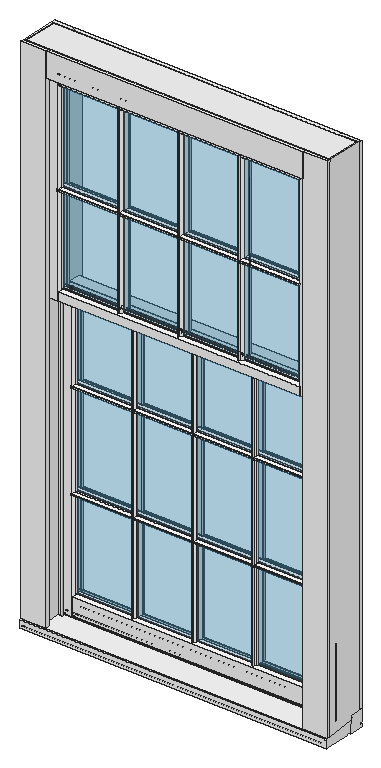
Revit family "B1-812", category Generic Models, Revit 2012 (continued)
Automatic sketch dimensions
  Extrusion 44 sketch curve to Extrusion 44 sketch curve = 0.368 mm
  Extrusion 44 sketch curve to Extrusion 44 sketch curve = 0.557 mm
  Extrusion 44 sketch curve to Extrusion 44 sketch curve = 0.18 mm
  Extrusion 44 sketch curve to Extrusion 44 sketch curve = 0.155 mm
  Extrusion 44 sketch curve to Extrusion 44 sketch curve = 0.228 mm
  Extrusion 45 sketch curve to plane 8 = 51.01 mm
  Extrusion 45 sketch curve to Extrusion 45 sketch curve = 0.402 mm
  Extrusion 45 sketch curve to Extrusion 45 sketch curve = 0.389 mm
  Extrusion 45 sketch curve to Extrusion 45 sketch curve = 3.47 mm
  Extrusion 45 sketch curve to Extrusion 45 sketch curve = 0.129 mm  (x2)
  Extrusion 45 sketch curve to Extrusion 45 sketch curve = 0.752 mm
  Extrusion 45 sketch curve to Extrusion 45 sketch curve = 0.163 mm
  Extrusion 45 sketch curve to Extrusion 45 sketch curve = 0.848 mm
  Extrusion 45 sketch curve to Extrusion 45 sketch curve = 0.092 mm
  Extrusion 45 sketch curve to Extrusion 45 sketch curve = 0.227 mm
  Extrusion 45 sketch curve to Extrusion 45 sketch curve = 0.4 mm
  Extrusion 45 sketch curve to Extrusion 45 sketch curve = 0.019 mm
  Extrusion 45 sketch curve to Extrusion 45 sketch curve = 0.794 mm
  Extrusion 45 sketch curve to Extrusion 45 sketch curve = 0.616 mm
  Extrusion 45 sketch curve to Extrusion 45 sketch curve = 0.767 mm
  Extrusion 45 sketch curve to Extrusion 45 sketch curve = 0.79 mm
  Extrusion 45 sketch curve to Extrusion 45 sketch curve = 0.784 mm
  Extrusion 45 sketch curve to Extrusion 45 sketch curve = 0.331 mm  (x2)
  Extrusion 45 sketch curve to plane 1 "Center (Front/Back)" = 42.945 mm
  Extrusion 45 sketch curve to Extrusion 45 sketch curve = 0.032 mm
  Extrusion 45 sketch curve to Extrusion 45 sketch curve = 0.011 mm
  Extrusion 45 sketch curve to Extrusion 45 sketch curve = 0.735 mm
  Extrusion 45 sketch curve to Extrusion 45 sketch curve = 0.552 mm
  Extrusion 45 sketch curve to Extrusion 45 sketch curve = 0.545 mm
  Extrusion 45 sketch curve to Extrusion 45 sketch curve = 0.126 mm
  Extrusion 45 sketch curve to Extrusion 45 sketch curve = 3.982 mm
  Extrusion 45 sketch curve to Extrusion 45 sketch curve = 3.772 mm
  Extrusion 45 sketch curve to Extrusion 45 sketch curve = 0.731 mm
  Extrusion 45 sketch curve to Extrusion 45 sketch curve = 0.088 mm
  Extrusion 45 sketch curve to Extrusion 45 sketch curve = 0.31 mm
  Extrusion 45 sketch curve to Extrusion 45 sketch curve = 0.222 mm
  Extrusion 45 sketch curve to Extrusion 45 sketch curve = 1.707 mm
  plane 7 to Extrusion 49 sketch curve = 16.974 mm
  Extrusion 49 sketch curve to plane 8 = 43.939 mm
  Extrusion 49 sketch curve to Extrusion 49 sketch curve = 5.328 mm
  Extrusion 49 sketch curve to Extrusion 49 sketch curve = 1.303 mm
  Extrusion 50 sketch curve to plane 8 = 43.976 mm
  plane 7 to Extrusion 50 sketch curve = 18.277 mm
  Extrusion 50 sketch curve to Extrusion 50 sketch curve = 2.083 mm
  Extrusion 50 sketch curve to Extrusion 50 sketch curve = 1.235 mm
  Extrusion 50 sketch curve to Extrusion 50 sketch curve = 2.363 mm
  Extrusion 50 sketch curve to Extrusion 50 sketch curve = 4.662 mm
  plane 1 "Center (Front/Back)" to Extrusion 51 sketch curve = 2.034 mm
  Extrusion 51 sketch curve to plane 8 = 42.228 mm
  Extrusion 51 sketch curve to Extrusion 51 sketch curve = 1.26 mm
  Extrusion 51 sketch curve to Extrusion 51 sketch curve = 3.11 mm
  Extrusion 51 sketch curve to Extrusion 51 sketch curve = 0.958 mm
  Extrusion 51 sketch curve to Extrusion 51 sketch curve = 1.305 mm
  Extrusion 52 sketch curve to plane 1 "Center (Front/Back)" = 2.628 mm
  Extrusion 52 sketch curve to plane 8 = 42.114 mm
  plane 1 "Center (Front/Back)" to Extrusion 52 sketch curve = 2.034 mm
  Extrusion 52 sketch curve to Extrusion 52 sketch curve = 2.083 mm
  Extrusion 52 sketch curve to Extrusion 52 sketch curve = 1.235 mm
  Extrusion 52 sketch curve to Extrusion 52 sketch curve = 2.363 mm
  plane 1 "Center (Front/Back)" to Extrusion 53 sketch curve = 1.25 mm  (x2)
  Extrusion 53 sketch curve to plane 8 = 42.921 mm
  Extrusion 53 sketch curve to Extrusion 53 sketch curve = 0.693 mm
  Extrusion 53 sketch curve to Extrusion 53 sketch curve = 0.8 mm  (x2)
  Extrusion 53 sketch curve to Extrusion 53 sketch curve = 1.557 mm
  Extrusion 53 sketch curve to Extrusion 53 sketch curve = 2.435 mm
  Extrusion 53 sketch curve to Extrusion 53 sketch curve = 0.536 mm
  Extrusion 53 sketch curve to Extrusion 53 sketch curve = 0.979 mm
  Extrusion 53 sketch curve to Extrusion 53 sketch curve = 0.786 mm  (x2)
  Extrusion 53 sketch curve to Extrusion 53 sketch curve = 1.303 mm
  Extrusion 53 sketch curve to Extrusion 53 sketch curve = 0.911 mm  (x2)
  Extrusion 53 sketch curve to Extrusion 53 sketch curve = 4 mm
  Extrusion 54 sketch curve to plane 4 = 0 mm
  Extrusion 54 sketch curve to plane 6 = 0 mm
  Extrusion 54 sketch curve to plane 12 = 0 mm
  Extrusion 54 sketch curve to plane 15 = 0 mm  (x2)
  plane 1 "Center (Front/Back)" to Extrusion 54 sketch curve = 8.25 mm
  Extrusion 54 sketch curve to Extrusion 54 sketch curve = 1.712 mm
  Extrusion 54 sketch curve to Extrusion 54 sketch curve = 0 mm  (x8)
  plane 1 "Center (Front/Back)" to Extrusion 54 sketch curve = 6.25 mm  (x2)
  Extrusion 54 sketch curve to Extrusion 54 sketch curve = 0.836 mm
  Extrusion 54 sketch curve to Extrusion 54 sketch curve = 0.634 mm
  Extrusion 54 sketch curve to Extrusion 54 sketch curve = 0.996 mm  (x6)
  Extrusion 54 sketch curve to Extrusion 54 sketch curve = 0.819 mm
  Extrusion 54 sketch curve to Extrusion 54 sketch curve = 0.456 mm
  plane 1 "Center (Front/Back)" to Extrusion 54 sketch curve = 1.25 mm  (x3)
  plane 15 to Extrusion 54 sketch curve = 7 mm
  Extrusion 54 sketch curve to plane 1 "Center (Front/Back)" = 61.75 mm
  Extrusion 54 sketch curve to Extrusion 54 sketch curve = 4 mm
  plane 12 to Extrusion 54 sketch curve = 4 mm
  plane 12 to Extrusion 54 sketch curve = 5 mm
  Extrusion 54 sketch curve to Extrusion 54 sketch curve = 2.25 mm
  Extrusion 54 sketch curve to Extrusion 54 sketch curve = 0.254 mm
  Extrusion 54 sketch curve to Extrusion 54 sketch curve = 0.508 mm  (x3)
  Extrusion 54 sketch curve to plane 13 = 2 mm
  plane 15 to Extrusion 54 sketch curve = 9 mm
  Extrusion 54 sketch curve to Extrusion 54 sketch curve = 8 mm
  Extrusion 54 sketch curve to plane 4 = 6 mm
  plane 7 to Extrusion 55 sketch curve = 0 mm
  plane 5 to Extrusion 55 sketch curve = 0.079 mm
  Extrusion 55 sketch curve to plane 8 = 48.921 mm
  plane 7 to Extrusion 55 sketch curve = 15 mm
  Extrusion 56 sketch curve to plane 6 = 0 mm
  plane 5 to Extrusion 56 sketch curve = 0.079 mm
  plane 1 "Center (Front/Back)" to Extrusion 56 sketch curve = 6.25 mm
  Extrusion 56 sketch curve to plane 8 = 30.921 mm
  Extrusion 57 sketch curve to plane 4 = 0 mm
  Extrusion 57 sketch curve to plane 16 = 0 mm
  plane 1 "Center (Front/Back)" to Extrusion 57 sketch curve = 6.25 mm
  Extrusion 57 sketch curve to plane 16 = 4.175 mm
  plane 7 to Extrusion 57 sketch curve = 54.25 mm
  plane 7 to Extrusion 57 sketch curve = 20.25 mm
  plane 7 to Extrusion 57 sketch curve = 15 mm
  Extrusion 57 sketch curve to Extrusion 57 sketch curve = 4.913 mm  (x2)
  Extrusion 57 sketch curve to Extrusion 57 sketch curve = 3 mm
  plane 14 to Extrusion 57 sketch curve = 2.138 mm
  Extrusion 58 sketch curve to plane 4 = 0 mm
  plane 1 "Center (Front/Back)" to Extrusion 58 sketch curve = 6.25 mm
  Extrusion 58 sketch curve to plane 4 = 6 mm
  plane 7 to Extrusion 58 sketch curve = 15 mm
  Sweep 59 sketch curve to plane 16 = 0 mm
  plane 29 to Sweep 59 sketch curve = 0 mm
  Sweep 59 sketch curve to plane 8 = 48.921 mm
  profile plane to Sweep 59 sketch curve = 0 mm
  Sweep 59 sketch curve to Sweep 59 sketch curve = 3 mm
  Sweep 59 sketch curve to Sweep 59 sketch curve = 6 mm
  Sweep 59 sketch curve to profile plane = 176.75 mm
  Sweep 59 sketch curve to Sweep 59 sketch curve = 14 mm
  Extrusion 60 sketch curve to plane 15 = 0 mm
  Extrusion 60 sketch curve to plane 4 = 0 mm
  Extrusion 60 sketch curve to plane 7 = 0 mm
  plane 7 to Extrusion 60 sketch curve = 15 mm  (x2)
  Extrusion 60 sketch curve to Extrusion 60 sketch curve = 5 mm  (x2)
  plane 15 to Extrusion 60 sketch curve = 9 mm
  Extrusion 60 sketch curve to Extrusion 60 sketch curve = 8 mm
  Extrusion 60 sketch curve to plane 4 = 6 mm
  plane 7 to Extrusion 61 sketch curve = 20 mm
  plane 5 to Extrusion 61 sketch curve = 56.079 mm
  Extrusion 61 sketch curve to Extrusion 61 sketch curve = 9 mm  (x3)
  plane 1 "Center (Front/Back)" to Extrusion 61 sketch curve = 1.25 mm  (x2)
  Extrusion 61 sketch curve to Extrusion 61 sketch curve = 8 mm  (x2)
  plane 1 "Center (Front/Back)" to Extrusion 61 sketch curve = 6.25 mm
  Extrusion 61 sketch curve to Extrusion 61 sketch curve = 0 mm
  Extrusion 61 sketch curve to Extrusion 61 sketch curve = 5 mm
  Extrusion 62 sketch curve to plane 8 = 44.922 mm
  Extrusion 62 sketch curve to Extrusion 62 sketch curve = 0 mm  (x2)
  Extrusion 62 sketch curve to Extrusion 62 sketch curve = 3 mm  (x3)
  Extrusion 62 sketch curve to Extrusion 62 sketch curve = 6 mm  (x2)
  Extrusion 62 sketch curve to plane 8 = 4.922 mm
  Extrusion 62 sketch curve to plane 1 "Center (Front/Back)" = 71.5 mm
  Extrusion 62 sketch curve to Extrusion 62 sketch curve = 5 mm
  Extrusion 62 sketch curve to Extrusion 62 sketch curve = 13 mm
  Extrusion 62 sketch curve to Extrusion 62 sketch curve = 12 mm
  Extrusion 62 sketch curve to Extrusion 62 sketch curve = 21 mm
  Extrusion 63 sketch curve to plane 21 = 2 mm
  plane 18 to Extrusion 63 sketch curve = 10.028 mm  (x2)
  Extrusion 63 sketch curve to Extrusion 63 sketch curve = 2 mm  (x4)
  plane 18 to Extrusion 63 sketch curve = 2.528 mm  (x2)
  plane 18 to Extrusion 63 sketch curve = 0.991 mm
  Extrusion 63 sketch curve to plane 18 = 0.972 mm
  Extrusion 63 sketch curve to plane 18 = 2.472 mm  (x2)
  Extrusion 63 sketch curve to Extrusion 63 sketch curve = 7 mm
  Extrusion 63 sketch curve to plane 18 = 9.972 mm
  Extrusion 63 sketch curve to Extrusion 63 sketch curve = 26 mm
  Extrusion 63 sketch curve to Extrusion 63 sketch curve = 2.8 mm  (x2)
  Extrusion 63 sketch curve to Extrusion 63 sketch curve = 8.154 mm
  Extrusion 63 sketch curve to Extrusion 63 sketch curve = 0 mm
  plane 21 to Extrusion 63 sketch curve = 6 mm  (x2)
  Extrusion 63 sketch curve to Extrusion 63 sketch curve = 1.693 mm
  Extrusion 63 sketch curve to Extrusion 63 sketch curve = 0.015 mm
  Extrusion 63 sketch curve to Extrusion 63 sketch curve = 2.5 mm
  plane 18 to Extrusion 64 sketch curve = 10.028 mm  (x2)
  Extrusion 64 sketch curve to Extrusion 64 sketch curve = 2 mm  (x4)
  plane 1 "Center (Front/Back)" to Extrusion 64 sketch curve = 0.089 mm  (x2)
  plane 18 to Extrusion 64 sketch curve = 2.578 mm
  plane 18 to Extrusion 64 sketch curve = 2.528 mm
  plane 18 to Extrusion 64 sketch curve = 1.028 mm
  Extrusion 64 sketch curve to plane 18 = 0.972 mm
  Extrusion 64 sketch curve to plane 18 = 2.422 mm
  Extrusion 64 sketch curve to plane 18 = 2.472 mm
  Extrusion 64 sketch curve to Extrusion 64 sketch curve = 7 mm
  Extrusion 64 sketch curve to plane 18 = 9.972 mm
  Extrusion 64 sketch curve to plane 1 "Center (Front/Back)" = 8.065 mm
  Extrusion 64 sketch curve to Extrusion 64 sketch curve = 2.8 mm
  Extrusion 64 sketch curve to Extrusion 64 sketch curve = 28.385 mm
  Extrusion 64 sketch curve to Extrusion 64 sketch curve = 6 mm  (x2)
  Extrusion 64 sketch curve to Extrusion 64 sketch curve = 1.708 mm
  Extrusion 64 sketch curve to Extrusion 64 sketch curve = 0 mm
  plane 18 to Extrusion 65 sketch curve = 10.028 mm
  Extrusion 65 sketch curve to plane 18 = 9.972 mm
  Extrusion 65 sketch curve to plane 1 "Center (Front/Back)" = 18 mm
  Extrusion 65 sketch curve to Extrusion 65 sketch curve = 16 mm
  plane 18 to Extrusion 66 sketch curve = 10.028 mm
  Extrusion 66 sketch curve to plane 18 = 9.972 mm
  plane 7 to Extrusion 66 sketch curve = 63.75 mm
  Extrusion 66 sketch curve to Extrusion 66 sketch curve = 16 mm
  Extrusion 67 sketch curve to plane 24 = 2 mm
  Extrusion 67 sketch curve to plane 19 = 9.949 mm  (x2)
  Extrusion 67 sketch curve to Extrusion 67 sketch curve = 2 mm  (x4)
  Extrusion 67 sketch curve to plane 19 = 2.449 mm  (x2)
  Extrusion 67 sketch curve to plane 19 = 0.949 mm
  plane 19 to Extrusion 67 sketch curve = 1.051 mm
  plane 19 to Extrusion 67 sketch curve = 2.551 mm  (x2)
  Extrusion 67 sketch curve to Extrusion 67 sketch curve = 7 mm
  plane 19 to Extrusion 67 sketch curve = 10.051 mm
  Extrusion 67 sketch curve to Extrusion 67 sketch curve = 26 mm
  Extrusion 67 sketch curve to Extrusion 67 sketch curve = 2.8 mm  (x2)
  Extrusion 67 sketch curve to Extrusion 67 sketch curve = 8.154 mm
  Extrusion 67 sketch curve to Extrusion 67 sketch curve = 0 mm  (x2)
  plane 24 to Extrusion 67 sketch curve = 6 mm  (x2)
  Extrusion 67 sketch curve to Extrusion 67 sketch curve = 1.708 mm
  Extrusion 68 sketch curve to plane 19 = 9.949 mm  (x2)
  Extrusion 68 sketch curve to Extrusion 68 sketch curve = 2 mm  (x4)
  plane 1 "Center (Front/Back)" to Extrusion 68 sketch curve = 0.089 mm  (x2)
  Extrusion 68 sketch curve to plane 19 = 2.5 mm
  Extrusion 68 sketch curve to plane 19 = 2.449 mm
  Extrusion 68 sketch curve to plane 19 = 0.913 mm
  plane 19 to Extrusion 68 sketch curve = 1.015 mm
  plane 19 to Extrusion 68 sketch curve = 2.5 mm
  plane 19 to Extrusion 68 sketch curve = 2.551 mm
  Extrusion 68 sketch curve to Extrusion 68 sketch curve = 7.036 mm
  plane 19 to Extrusion 68 sketch curve = 10.051 mm
  Extrusion 68 sketch curve to plane 1 "Center (Front/Back)" = 8.065 mm
  Extrusion 68 sketch curve to Extrusion 68 sketch curve = 2.8 mm
  Extrusion 68 sketch curve to Extrusion 68 sketch curve = 28.385 mm
  Extrusion 68 sketch curve to Extrusion 68 sketch curve = 6 mm  (x2)
  Extrusion 68 sketch curve to Extrusion 68 sketch curve = 1.693 mm
  Extrusion 68 sketch curve to Extrusion 68 sketch curve = 0 mm
  Extrusion 68 sketch curve to Extrusion 68 sketch curve = 2.5 mm  (x2)
  Extrusion 69 sketch curve to plane 19 = 9.949 mm
  plane 19 to Extrusion 69 sketch curve = 10.051 mm
  Extrusion 69 sketch curve to plane 1 "Center (Front/Back)" = 18 mm
  Extrusion 69 sketch curve to Extrusion 69 sketch curve = 16 mm
  Extrusion 70 sketch curve to plane 19 = 9.949 mm
  plane 19 to Extrusion 70 sketch curve = 10.051 mm
  plane 7 to Extrusion 70 sketch curve = 63.75 mm
  Extrusion 70 sketch curve to Extrusion 70 sketch curve = 16 mm
  plane 17 to Extrusion 71 sketch curve = 7 mm
  plane 17 to Extrusion 71 sketch curve = 8.5 mm  (x2)
  plane 17 to Extrusion 71 sketch curve = 31 mm  (x2)
  Extrusion 71 sketch curve to Extrusion 71 sketch curve = 22.5 mm  (x4)
  Extrusion 71 sketch curve to plane 1 "Center (Front/Back)" = 7.75 mm
  Extrusion 71 sketch curve to Extrusion 71 sketch curve = 1.5 mm
  Extrusion 71 sketch curve to Extrusion 71 sketch curve = 20 mm
  Extrusion 71 sketch curve to Extrusion 71 sketch curve = 7 mm
  Extrusion 71 sketch curve to plane 27 = 4 mm
  Extrusion 71 sketch curve to plane 1 "Center (Front/Back)" = 30.25 mm
  Extrusion 71 sketch curve to Extrusion 71 sketch curve = 9 mm
  Extrusion 71 sketch curve to Extrusion 71 sketch curve = 11.5 mm  (x2)
  Extrusion 71 sketch curve to Extrusion 71 sketch curve = 4 mm
  Extrusion 71 sketch curve to Extrusion 71 sketch curve = 3 mm
  plane 7 to Extrusion 71 sketch curve = 29 mm
  plane 17 to Extrusion 72 sketch curve = 33.984 mm  (x2)
  Extrusion 72 sketch curve to plane 27 = 21.016 mm  (x2)
  Extrusion 72 sketch curve to Extrusion 72 sketch curve = 0 mm  (x2)
  Extrusion 72 sketch curve to Extrusion 72 sketch curve = 3 mm  (x2)
  plane 7 to Extrusion 72 sketch curve = 37.812 mm
  Extrusion 72 sketch curve to Extrusion 72 sketch curve = 6.5 mm  (x3)
  Extrusion 72 sketch curve to Extrusion 72 sketch curve = 16 mm  (x2)
  Extrusion 72 sketch curve to Extrusion 72 sketch curve = 42 mm
  Extrusion 72 sketch curve to plane 1 "Center (Front/Back)" = 37.437 mm
  Extrusion 73 sketch curve to plane 27 = 15.875 mm
  Extrusion 73 sketch curve to Extrusion 73 sketch curve = 0 mm  (x2)
  Extrusion 73 sketch curve to Extrusion 73 sketch curve = 3 mm  (x3)
  Extrusion 73 sketch curve to Extrusion 73 sketch curve = 6 mm  (x2)
  Extrusion 73 sketch curve to plane 28 = 6.875 mm
  Extrusion 73 sketch curve to plane 28 = 0.875 mm
  plane 28 to Extrusion 73 sketch curve = 9.125 mm
  plane 7 to Extrusion 73 sketch curve = 21.25 mm
  Extrusion 73 sketch curve to Extrusion 73 sketch curve = 21 mm
  Extrusion 73 sketch curve to Extrusion 73 sketch curve = 12 mm  (x2)
  Extrusion 73 sketch curve to Extrusion 73 sketch curve = 13 mm
  Extrusion 73 sketch curve to Extrusion 73 sketch curve = 2 mm
  Extrusion 73 sketch curve to Extrusion 73 sketch curve = 5 mm
  Extrusion 74 sketch curve to plane 28 = 5 mm
  Extrusion 74 sketch curve to plane 28 = 0 mm
  plane 28 to Extrusion 74 sketch curve = 7 mm
  Extrusion 74 sketch curve to Extrusion 74 sketch curve = 1 mm  (x2)
  Extrusion 74 sketch curve to Extrusion 74 sketch curve = 3 mm  (x2)
  Extrusion 74 sketch curve to plane 1 "Center (Front/Back)" = 57 mm
  Extrusion 74 sketch curve to Extrusion 74 sketch curve = 4 mm
  Extrusion 74 sketch curve to Extrusion 74 sketch curve = 8 mm
  Extrusion 75 sketch curve to plane 27 = 20.088 mm
  Extrusion 75 sketch curve to Extrusion 75 sketch curve = 0.361 mm
  Extrusion 75 sketch curve to Extrusion 75 sketch curve = 0.331 mm  (x3)
  Extrusion 75 sketch curve to Extrusion 75 sketch curve = 0.529 mm
  Extrusion 75 sketch curve to Extrusion 75 sketch curve = 3.012 mm
  Extrusion 75 sketch curve to Extrusion 75 sketch curve = 0.359 mm
  Extrusion 75 sketch curve to Extrusion 75 sketch curve = 0.129 mm  (x2)
  Extrusion 75 sketch curve to Extrusion 75 sketch curve = 0.752 mm
  Extrusion 75 sketch curve to Extrusion 75 sketch curve = 0.163 mm
  Extrusion 75 sketch curve to Extrusion 75 sketch curve = 0.848 mm
  Extrusion 75 sketch curve to Extrusion 75 sketch curve = 0.097 mm
  Extrusion 75 sketch curve to Extrusion 75 sketch curve = 0.227 mm
  Extrusion 75 sketch curve to Extrusion 75 sketch curve = 0.367 mm
  Extrusion 75 sketch curve to Extrusion 75 sketch curve = 0.604 mm
  Extrusion 75 sketch curve to Extrusion 75 sketch curve = 0.911 mm
  Extrusion 75 sketch curve to Extrusion 75 sketch curve = 0.79 mm  (x2)
  Extrusion 75 sketch curve to Extrusion 75 sketch curve = 1.387 mm
  Extrusion 75 sketch curve to Extrusion 75 sketch curve = 0.62 mm
  Extrusion 75 sketch curve to Extrusion 75 sketch curve = 0.185 mm
  Extrusion 75 sketch curve to Extrusion 75 sketch curve = 0.733 mm
  plane 7 to Extrusion 75 sketch curve = 64.201 mm
  Extrusion 75 sketch curve to Extrusion 75 sketch curve = 0.044 mm
  Extrusion 75 sketch curve to Extrusion 75 sketch curve = 0.155 mm
  Extrusion 75 sketch curve to Extrusion 75 sketch curve = 1.178 mm
  Extrusion 75 sketch curve to Extrusion 75 sketch curve = 0.18 mm
  Extrusion 75 sketch curve to Extrusion 75 sketch curve = 0.545 mm
  Extrusion 75 sketch curve to Extrusion 75 sketch curve = 0.126 mm
  Extrusion 75 sketch curve to Extrusion 75 sketch curve = 3.329 mm
  Extrusion 75 sketch curve to Extrusion 75 sketch curve = 0.782 mm
  Extrusion 75 sketch curve to Extrusion 75 sketch curve = 0.443 mm
  Extrusion 75 sketch curve to Extrusion 75 sketch curve = 0.342 mm
  Extrusion 75 sketch curve to Extrusion 75 sketch curve = 0.534 mm
  Extrusion 75 sketch curve to Extrusion 75 sketch curve = 0.024 mm
  Extrusion 75 sketch curve to Extrusion 75 sketch curve = 1.649 mm
  Extrusion 75 sketch curve to Extrusion 75 sketch curve = 0.066 mm
  Extrusion 76 sketch curve to plane 27 = 20.088 mm
  Extrusion 76 sketch curve to Extrusion 76 sketch curve = 0.402 mm
  Extrusion 76 sketch curve to Extrusion 76 sketch curve = 0.389 mm
  Extrusion 76 sketch curve to Extrusion 76 sketch curve = 3.47 mm
  Extrusion 76 sketch curve to Extrusion 76 sketch curve = 0.129 mm  (x2)
  Extrusion 76 sketch curve to Extrusion 76 sketch curve = 0.752 mm
  Extrusion 76 sketch curve to Extrusion 76 sketch curve = 0.163 mm
  Extrusion 76 sketch curve to Extrusion 76 sketch curve = 4.446 mm
  Extrusion 76 sketch curve to Extrusion 76 sketch curve = 0.092 mm
  Extrusion 76 sketch curve to Extrusion 76 sketch curve = 0.227 mm
  Extrusion 76 sketch curve to Extrusion 76 sketch curve = 0.4 mm
  Extrusion 76 sketch curve to Extrusion 76 sketch curve = 0.019 mm
  Extrusion 76 sketch curve to Extrusion 76 sketch curve = 0.794 mm
  Extrusion 76 sketch curve to Extrusion 76 sketch curve = 0.616 mm
  Extrusion 76 sketch curve to Extrusion 76 sketch curve = 0.767 mm
  Extrusion 76 sketch curve to Extrusion 76 sketch curve = 0.79 mm
  Extrusion 76 sketch curve to Extrusion 76 sketch curve = 0.784 mm
  Extrusion 76 sketch curve to Extrusion 76 sketch curve = 0.331 mm  (x2)
  Extrusion 76 sketch curve to plane 1 "Center (Front/Back)" = 52.39 mm
  Extrusion 76 sketch curve to Extrusion 76 sketch curve = 1.707 mm
  Extrusion 76 sketch curve to Extrusion 76 sketch curve = 0.222 mm
  Extrusion 76 sketch curve to Extrusion 76 sketch curve = 0.555 mm
  Extrusion 76 sketch curve to Extrusion 76 sketch curve = 0.865 mm
  Extrusion 76 sketch curve to Extrusion 76 sketch curve = 0.036 mm
  Extrusion 76 sketch curve to Extrusion 76 sketch curve = 0.731 mm
  Extrusion 76 sketch curve to Extrusion 76 sketch curve = 0.077 mm
  Extrusion 76 sketch curve to Extrusion 76 sketch curve = 0.522 mm
  Extrusion 76 sketch curve to Extrusion 76 sketch curve = 0.368 mm
  Extrusion 76 sketch curve to Extrusion 76 sketch curve = 0.552 mm
  Extrusion 76 sketch curve to Extrusion 76 sketch curve = 0.735 mm
  Extrusion 76 sketch curve to Extrusion 76 sketch curve = 0.072 mm
  Extrusion 76 sketch curve to Extrusion 76 sketch curve = 0.083 mm
  Extrusion 77 sketch curve to plane 27 = 13.018 mm
  Extrusion 77 sketch curve to Extrusion 77 sketch curve = 5.328 mm
  plane 7 to Extrusion 77 sketch curve = 16.974 mm
  Extrusion 77 sketch curve to Extrusion 77 sketch curve = 1.303 mm
  Extrusion 78 sketch curve to plane 27 = 13.054 mm
  Extrusion 78 sketch curve to Extrusion 78 sketch curve = 2.083 mm
  Extrusion 78 sketch curve to Extrusion 78 sketch curve = 1.235 mm
  Extrusion 78 sketch curve to Extrusion 78 sketch curve = 2.363 mm
  plane 7 to Extrusion 78 sketch curve = 18.277 mm
  Extrusion 78 sketch curve to Extrusion 78 sketch curve = 4.662 mm
  plane 1 "Center (Front/Back)" to Extrusion 79 sketch curve = 2.034 mm
  Extrusion 79 sketch curve to plane 27 = 11.307 mm
  Extrusion 79 sketch curve to Extrusion 79 sketch curve = 1.26 mm
  Extrusion 79 sketch curve to Extrusion 79 sketch curve = 3.11 mm
  Extrusion 79 sketch curve to Extrusion 79 sketch curve = 0.958 mm
  Extrusion 79 sketch curve to Extrusion 79 sketch curve = 1.305 mm
  Extrusion 80 sketch curve to plane 1 "Center (Front/Back)" = 2.628 mm
  Extrusion 80 sketch curve to plane 27 = 11.192 mm
  plane 1 "Center (Front/Back)" to Extrusion 80 sketch curve = 2.034 mm
  Extrusion 80 sketch curve to Extrusion 80 sketch curve = 2.083 mm
  Extrusion 80 sketch curve to Extrusion 80 sketch curve = 1.235 mm
  Extrusion 80 sketch curve to Extrusion 80 sketch curve = 2.363 mm
  plane 1 "Center (Front/Back)" to Extrusion 81 sketch curve = 1.25 mm  (x2)
  Extrusion 81 sketch curve to plane 27 = 12 mm
  Extrusion 81 sketch curve to Extrusion 81 sketch curve = 0.693 mm
  Extrusion 81 sketch curve to Extrusion 81 sketch curve = 0.8 mm  (x2)
  Extrusion 81 sketch curve to Extrusion 81 sketch curve = 1.557 mm
  Extrusion 81 sketch curve to Extrusion 81 sketch curve = 2.435 mm
  Extrusion 81 sketch curve to Extrusion 81 sketch curve = 0.536 mm
  Extrusion 81 sketch curve to Extrusion 81 sketch curve = 0.979 mm
  Extrusion 81 sketch curve to Extrusion 81 sketch curve = 0.786 mm  (x2)
  Extrusion 81 sketch curve to Extrusion 81 sketch curve = 1.303 mm
  Extrusion 81 sketch curve to Extrusion 81 sketch curve = 0.911 mm  (x2)
  Extrusion 81 sketch curve to Extrusion 81 sketch curve = 4 mm
  Extrusion 82 sketch curve to plane 17 = 0 mm
  plane 7 to Extrusion 82 sketch curve = 0 mm
  Extrusion 82 sketch curve to plane 27 = 18 mm
  plane 7 to Extrusion 82 sketch curve = 15 mm
  Extrusion 83 sketch curve to plane 17 = 0 mm
  Extrusion 83 sketch curve to plane 27 = 0 mm
  plane 6 to Extrusion 83 sketch curve = 0 mm
  plane 1 "Center (Front/Back)" to Extrusion 83 sketch curve = 6.25 mm
  Extrusion 84 sketch curve to plane 4 = 0 mm
  Extrusion 84 sketch curve to plane 16 = 0 mm
  plane 1 "Center (Front/Back)" to Extrusion 84 sketch curve = 6.25 mm
  Extrusion 84 sketch curve to plane 16 = 4.175 mm
  plane 7 to Extrusion 84 sketch curve = 54.25 mm
  plane 7 to Extrusion 84 sketch curve = 20.25 mm
  plane 7 to Extrusion 84 sketch curve = 15 mm
  Extrusion 84 sketch curve to Extrusion 84 sketch curve = 4.913 mm  (x2)
  Extrusion 84 sketch curve to Extrusion 84 sketch curve = 3 mm
  plane 14 to Extrusion 84 sketch curve = 2.138 mm
  plane 7 to Extrusion 85 sketch curve = 20 mm
  Extrusion 85 sketch curve to plane 27 = 44 mm
  Extrusion 85 sketch curve to Extrusion 85 sketch curve = 9 mm  (x3)
  plane 1 "Center (Front/Back)" to Extrusion 85 sketch curve = 1.25 mm  (x2)
  Extrusion 85 sketch curve to Extrusion 85 sketch curve = 8 mm  (x2)
  Extrusion 85 sketch curve to Extrusion 85 sketch curve = 5 mm  (x3)
  Extrusion 86 sketch curve to plane 28 = 5 mm
  Extrusion 86 sketch curve to plane 28 = 0 mm
  plane 28 to Extrusion 86 sketch curve = 7 mm
  Extrusion 86 sketch curve to Extrusion 86 sketch curve = 1 mm  (x2)
  Extrusion 86 sketch curve to Extrusion 86 sketch curve = 3 mm  (x2)
  plane 7 to Extrusion 86 sketch curve = 24.25 mm
  Extrusion 86 sketch curve to Extrusion 86 sketch curve = 4 mm
  Extrusion 86 sketch curve to Extrusion 86 sketch curve = 8 mm
  Extrusion 87 sketch curve to plane 27 = 14 mm  (x2)
  Extrusion 87 sketch curve to Extrusion 87 sketch curve = 0 mm
  Extrusion 87 sketch curve to Extrusion 87 sketch curve = 3 mm  (x3)
  Extrusion 87 sketch curve to Extrusion 87 sketch curve = 6 mm  (x2)
  Extrusion 87 sketch curve to plane 28 = 5 mm
  plane 7 to Extrusion 87 sketch curve = 21.25 mm
  Extrusion 87 sketch curve to Extrusion 87 sketch curve = 21 mm
  Extrusion 87 sketch curve to Extrusion 87 sketch curve = 12 mm
  Extrusion 87 sketch curve to Extrusion 87 sketch curve = 13 mm
  Extrusion 87 sketch curve to Extrusion 87 sketch curve = 5 mm
  Extrusion 88 sketch curve to plane 30 = 2 mm
  Extrusion 88 sketch curve to plane 3 "Center (Left/Right)" = 9.949 mm  (x2)
  Extrusion 88 sketch curve to Extrusion 88 sketch curve = 2 mm  (x4)
  Extrusion 88 sketch curve to plane 3 "Center (Left/Right)" = 2.449 mm  (x2)
  Extrusion 88 sketch curve to plane 3 "Center (Left/Right)" = 0.949 mm
  plane 3 "Center (Left/Right)" to Extrusion 88 sketch curve = 1.015 mm
  plane 3 "Center (Left/Right)" to Extrusion 88 sketch curve = 2.551 mm  (x2)
  Extrusion 88 sketch curve to Extrusion 88 sketch curve = 7.036 mm
  plane 3 "Center (Left/Right)" to Extrusion 88 sketch curve = 10.051 mm
  Extrusion 88 sketch curve to Extrusion 88 sketch curve = 26 mm
  Extrusion 88 sketch curve to Extrusion 88 sketch curve = 2.8 mm  (x2)
  Extrusion 88 sketch curve to Extrusion 88 sketch curve = 8.154 mm
  Extrusion 88 sketch curve to Extrusion 88 sketch curve = 0 mm
  plane 30 to Extrusion 88 sketch curve = 6 mm  (x2)
  Extrusion 88 sketch curve to Extrusion 88 sketch curve = 1.693 mm
  Extrusion 88 sketch curve to Extrusion 88 sketch curve = 0.015 mm
  Extrusion 88 sketch curve to Extrusion 88 sketch curve = 2.5 mm
  Extrusion 89 sketch curve to plane 3 "Center (Left/Right)" = 9.949 mm  (x2)
  Extrusion 89 sketch curve to Extrusion 89 sketch curve = 2 mm  (x4)
  Extrusion 89 sketch curve to plane 3 "Center (Left/Right)" = 2.5 mm
  Extrusion 89 sketch curve to plane 3 "Center (Left/Right)" = 2.449 mm
  plane 1 "Center (Front/Back)" to Extrusion 89 sketch curve = 0.089 mm  (x2)
  plane 3 "Center (Left/Right)" to Extrusion 89 sketch curve = 2.5 mm
  plane 3 "Center (Left/Right)" to Extrusion 89 sketch curve = 2.551 mm
  plane 3 "Center (Left/Right)" to Extrusion 89 sketch curve = 8.051 mm
  plane 3 "Center (Left/Right)" to Extrusion 89 sketch curve = 10.051 mm
  Extrusion 89 sketch curve to plane 1 "Center (Front/Back)" = 8.065 mm
  Extrusion 89 sketch curve to Extrusion 89 sketch curve = 2.8 mm
  Extrusion 89 sketch curve to Extrusion 89 sketch curve = 28.385 mm
  Extrusion 89 sketch curve to Extrusion 89 sketch curve = 6 mm  (x2)
  Extrusion 89 sketch curve to Extrusion 89 sketch curve = 2.5 mm  (x2)
  Extrusion 89 sketch curve to Extrusion 89 sketch curve = 7.5 mm
  Extrusion 89 sketch curve to Extrusion 89 sketch curve = 0 mm
  Extrusion 90 sketch curve to plane 3 "Center (Left/Right)" = 9.949 mm
  plane 3 "Center (Left/Right)" to Extrusion 90 sketch curve = 10.051 mm
  Extrusion 90 sketch curve to plane 1 "Center (Front/Back)" = 18 mm
  Extrusion 90 sketch curve to Extrusion 90 sketch curve = 16 mm
  Extrusion 91 sketch curve to plane 3 "Center (Left/Right)" = 9.949 mm
  plane 3 "Center (Left/Right)" to Extrusion 91 sketch curve = 10.051 mm
  plane 7 to Extrusion 91 sketch curve = 63.75 mm
  Extrusion 91 sketch curve to Extrusion 91 sketch curve = 16 mm
  Extrusion 92 sketch curve to plane 38 = 0 mm  (x2)
  plane 38 to Extrusion 92 sketch curve = 2 mm
  plane 38 to Extrusion 92 sketch curve = 7.5 mm  (x2)
  Extrusion 92 sketch curve to Extrusion 92 sketch curve = 7.036 mm
  Extrusion 92 sketch curve to Extrusion 92 sketch curve = 1.964 mm
  Extrusion 92 sketch curve to Extrusion 92 sketch curve = 5 mm  (x2)
  Extrusion 92 sketch curve to Extrusion 92 sketch curve = 7 mm
  Extrusion 92 sketch curve to Extrusion 92 sketch curve = 7.5 mm
  Extrusion 92 sketch curve to Extrusion 92 sketch curve = 2 mm  (x4)
  Extrusion 92 sketch curve to plane 35 = 40.954 mm
  Extrusion 92 sketch curve to Extrusion 92 sketch curve = 8.154 mm  (x2)
  Extrusion 92 sketch curve to Extrusion 92 sketch curve = 2.8 mm
  Extrusion 92 sketch curve to plane 35 = 2 mm
  plane 35 to Extrusion 92 sketch curve = 6 mm  (x2)
  Extrusion 92 sketch curve to Extrusion 92 sketch curve = 1.693 mm
  Extrusion 92 sketch curve to Extrusion 92 sketch curve = 0.015 mm
  Extrusion 92 sketch curve to Extrusion 92 sketch curve = 2.5 mm
  Extrusion 93 sketch curve to plane 38 = 0 mm
  Extrusion 93 sketch curve to Extrusion 93 sketch curve = 20 mm
  plane 7 to Extrusion 93 sketch curve = 63.75 mm
  Extrusion 93 sketch curve to Extrusion 93 sketch curve = 16 mm
  Extrusion 94 sketch curve to plane 27 = 15.921 mm  (x2)
  Extrusion 94 sketch curve to Extrusion 94 sketch curve = 0 mm
  plane 1 "Center (Front/Back)" to Extrusion 94 sketch curve = 0 mm
  Extrusion 94 sketch curve to Extrusion 94 sketch curve = 3 mm  (x4)
  Extrusion 94 sketch curve to Extrusion 94 sketch curve = 6 mm
  Extrusion 94 sketch curve to plane 28 = 6.921 mm
  Extrusion 94 sketch curve to plane 28 = 0.921 mm
  plane 28 to Extrusion 94 sketch curve = 9.079 mm
  Extrusion 94 sketch curve to plane 1 "Center (Front/Back)" = 10 mm
  Extrusion 94 sketch curve to Extrusion 94 sketch curve = 2 mm
  Extrusion 94 sketch curve to Extrusion 94 sketch curve = 21 mm
  Extrusion 94 sketch curve to Extrusion 94 sketch curve = 12 mm
  Extrusion 94 sketch curve to Extrusion 94 sketch curve = 13 mm
  Extrusion 94 sketch curve to Extrusion 94 sketch curve = 5 mm
  Extrusion 95 sketch curve to plane 39 = 0 mm
  plane 1 "Center (Front/Back)" to Extrusion 95 sketch curve = 0 mm
  plane 39 to Extrusion 95 sketch curve = 10 mm
  Extrusion 95 sketch curve to plane 12 = 15 mm
  plane 15 to Extrusion 95 sketch curve = 1 mm  (x2)
  plane 15 to Extrusion 95 sketch curve = 4 mm  (x2)
  Extrusion 95 sketch curve to Extrusion 95 sketch curve = 6 mm  (x2)
  Extrusion 95 sketch curve to Extrusion 95 sketch curve = 3 mm  (x2)
  Extrusion 95 sketch curve to plane 1 "Center (Front/Back)" = 10 mm
  Extrusion 95 sketch curve to Extrusion 95 sketch curve = 2 mm
  Extrusion 95 sketch curve to Extrusion 95 sketch curve = 21 mm
  Extrusion 95 sketch curve to Extrusion 95 sketch curve = 12 mm
  Extrusion 95 sketch curve to Extrusion 95 sketch curve = 13 mm
  Extrusion 95 sketch curve to Extrusion 95 sketch curve = 5 mm
  Extrusion 96 sketch curve to plane 13 = 0 mm  (x3)
  Extrusion 96 sketch curve to plane 13 = 3 mm
  Extrusion 96 sketch curve to Extrusion 96 sketch curve = 3 mm  (x2)
  Extrusion 96 sketch curve to Extrusion 96 sketch curve = 6 mm  (x2)
  plane 39 to Extrusion 96 sketch curve = 5 mm
  plane 7 to Extrusion 96 sketch curve = 21.25 mm
  Extrusion 96 sketch curve to Extrusion 96 sketch curve = 21 mm
  Extrusion 96 sketch curve to Extrusion 96 sketch curve = 12 mm
  Extrusion 96 sketch curve to Extrusion 96 sketch curve = 13 mm
  Extrusion 96 sketch curve to Extrusion 96 sketch curve = 5 mm
  Extrusion 97 sketch curve to plane 40 = 0 mm  (x2)
  plane 40 to Extrusion 97 sketch curve = 2 mm
  plane 40 to Extrusion 97 sketch curve = 7.5 mm  (x2)
  Extrusion 97 sketch curve to plane 1 "Center (Front/Back)" = 0.05 mm  (x2)
  Extrusion 97 sketch curve to Extrusion 97 sketch curve = 7.036 mm
  Extrusion 97 sketch curve to Extrusion 97 sketch curve = 1.964 mm
  Extrusion 97 sketch curve to Extrusion 97 sketch curve = 5 mm  (x2)
  plane 1 "Center (Front/Back)" to Extrusion 97 sketch curve = 1.95 mm
  Extrusion 97 sketch curve to Extrusion 97 sketch curve = 7 mm
  Extrusion 97 sketch curve to Extrusion 97 sketch curve = 7.5 mm
  Extrusion 97 sketch curve to Extrusion 97 sketch curve = 2 mm  (x2)
  Extrusion 97 sketch curve to plane 1 "Center (Front/Back)" = 8.204 mm  (x2)
  Extrusion 97 sketch curve to Extrusion 97 sketch curve = 2.8 mm
  Extrusion 97 sketch curve to plane 41 = 2 mm
  plane 41 to Extrusion 97 sketch curve = 6 mm  (x2)
  Extrusion 97 sketch curve to Extrusion 97 sketch curve = 1.693 mm
  Extrusion 97 sketch curve to Extrusion 97 sketch curve = 0.015 mm
  Extrusion 97 sketch curve to Extrusion 97 sketch curve = 2.5 mm
  Extrusion 98 sketch curve to plane 40 = 0 mm
  Extrusion 98 sketch curve to Extrusion 98 sketch curve = 20 mm
  Extrusion 98 sketch curve to plane 1 "Center (Front/Back)" = 18.004 mm
  Extrusion 98 sketch curve to Extrusion 98 sketch curve = 16 mm
  Extrusion 99 sketch curve to plane 44 = 0 mm  (x2)
  plane 44 to Extrusion 99 sketch curve = 2 mm
  plane 44 to Extrusion 99 sketch curve = 7.5 mm  (x2)
  Extrusion 99 sketch curve to Extrusion 99 sketch curve = 7.036 mm
  Extrusion 99 sketch curve to Extrusion 99 sketch curve = 1.964 mm
  Extrusion 99 sketch curve to Extrusion 99 sketch curve = 5 mm  (x2)
  Extrusion 99 sketch curve to Extrusion 99 sketch curve = 7 mm
  Extrusion 99 sketch curve to Extrusion 99 sketch curve = 7.5 mm
  Extrusion 99 sketch curve to Extrusion 99 sketch curve = 2 mm  (x4)
  Extrusion 99 sketch curve to plane 46 = 40.954 mm
  Extrusion 99 sketch curve to Extrusion 99 sketch curve = 8.154 mm  (x2)
  Extrusion 99 sketch curve to Extrusion 99 sketch curve = 2.8 mm
  Extrusion 99 sketch curve to plane 46 = 2 mm
  plane 46 to Extrusion 99 sketch curve = 6 mm  (x2)
  Extrusion 99 sketch curve to Extrusion 99 sketch curve = 1.693 mm
  Extrusion 99 sketch curve to Extrusion 99 sketch curve = 0.015 mm
  Extrusion 99 sketch curve to Extrusion 99 sketch curve = 2.5 mm
  Extrusion 100 sketch curve to plane 44 = 0 mm
  Extrusion 100 sketch curve to Extrusion 100 sketch curve = 20 mm
  plane 7 to Extrusion 100 sketch curve = 63.75 mm
  Extrusion 100 sketch curve to Extrusion 100 sketch curve = 16 mm
  Extrusion 22 sketch curve to plane 15 = 0 mm  (x2)
  plane 1 "Center (Front/Back)" to Extrusion 22 sketch curve = 6.25 mm
  plane 1 "Center (Front/Back)" to Extrusion 22 sketch curve = 1.25 mm  (x2)
  Extrusion 22 sketch curve to plane 1 "Center (Front/Back)" = 61.75 mm
  Extrusion 22 sketch curve to Extrusion 22 sketch curve = 8 mm  (x2)
  Extrusion 22 sketch curve to plane 4 = 6 mm
  plane 7 to Extrusion 22 sketch curve = 15 mm
  plane 15 to Extrusion 22 sketch curve = 7 mm
  plane 15 to Extrusion 22 sketch curve = 9 mm
  Extrusion 2 sketch curve to plane 10 = 0 mm  (x2)
  Extrusion 2 sketch curve to plane 11 = 0 mm  (x2)
  Extrusion 2 sketch curve to plane 10 = 4 mm
  Extrusion 2 sketch curve to plane 1 "Center (Front/Back)" = 38 mm
  Extrusion 2 sketch curve to Extrusion 2 sketch curve = 3 mm
  Extrusion 2 sketch curve to Extrusion 2 sketch curve = 1 mm  (x3)
  Extrusion 2 sketch curve to Extrusion 2 sketch curve = 22 mm
  Extrusion 2 sketch curve to Extrusion 2 sketch curve = 18 mm
  Extrusion 2 sketch curve to Extrusion 2 sketch curve = 4 mm  (x2)
  plane 11 to Extrusion 2 sketch curve = 15 mm
  Extrusion 2 sketch curve to Extrusion 2 sketch curve = 5 mm
  Extrusion 2 sketch curve to Extrusion 2 sketch curve = 0.089 mm
  Extrusion 2 sketch curve to Extrusion 2 sketch curve = 0.817 mm
  Extrusion 2 sketch curve to plane 10 = 15 mm
  Extrusion 2 sketch curve to Extrusion 2 sketch curve = 6 mm
  Extrusion 2 sketch curve to Extrusion 2 sketch curve = 0.597 mm  (x2)
  plane 11 to Extrusion 2 sketch curve = 5 mm
  Extrusion 2 sketch curve to Extrusion 2 sketch curve = 7 mm
  Extrusion 2 sketch curve to Extrusion 2 sketch curve = 3.074 mm
  Extrusion 2 sketch curve to Extrusion 2 sketch curve = 0.485 mm
  Extrusion 2 sketch curve to Extrusion 2 sketch curve = 1.127 mm
  Extrusion 2 sketch curve to Extrusion 2 sketch curve = 1.388 mm
  Extrusion 2 sketch curve to Extrusion 2 sketch curve = 2.441 mm
  Extrusion 2 sketch curve to Extrusion 2 sketch curve = 5.059 mm
  Extrusion 2 sketch curve to Extrusion 2 sketch curve = 1.161 mm
  Extrusion 2 sketch curve to Extrusion 2 sketch curve = 12 mm
  Extrusion 2 sketch curve to Extrusion 2 sketch curve = 26.5 mm
  Extrusion 2 sketch curve to Extrusion 2 sketch curve = 2.799 mm
  Extrusion 2 sketch curve to Extrusion 2 sketch curve = 0.678 mm
  Extrusion 2 sketch curve to Extrusion 2 sketch curve = 1.861 mm
  Extrusion 2 sketch curve to Extrusion 2 sketch curve = 1.114 mm
  plane 11 to Extrusion 2 sketch curve = 16 mm
  Extrusion 2 sketch curve to Extrusion 2 sketch curve = 1.283 mm
  Extrusion 2 sketch curve to Extrusion 2 sketch curve = 0.855 mm
  Extrusion 2 sketch curve to Extrusion 2 sketch curve = 0.602 mm
  Extrusion 2 sketch curve to plane 10 = 5 mm
  Extrusion 1 sketch curve to plane 1 "Center (Front/Back)" = 0 mm
  Extrusion 1 sketch curve to plane 10 = 0 mm
  Extrusion 1 sketch curve to plane 11 = 0 mm  (x2)
  Extrusion 1 sketch curve to plane 1 "Center (Front/Back)" = 10 mm
  Extrusion 1 sketch curve to plane 1 "Center (Front/Back)" = 12 mm
  Extrusion 1 sketch curve to plane 10 = 2 mm
  Extrusion 1 sketch curve to Extrusion 1 sketch curve = 6 mm  (x2)
  Extrusion 1 sketch curve to Extrusion 1 sketch curve = 30.175 mm
  Extrusion 1 sketch curve to Extrusion 1 sketch curve = 16 mm  (x2)
  Extrusion 1 sketch curve to Extrusion 1 sketch curve = 20 mm
  Extrusion 1 sketch curve to Extrusion 1 sketch curve = 1.182 mm
  Extrusion 1 sketch curve to Extrusion 1 sketch curve = 0.652 mm
  Extrusion 1 sketch curve to Extrusion 1 sketch curve = 1.388 mm
  Extrusion 1 sketch curve to plane 10 = 14.575 mm
  Extrusion 1 sketch curve to Extrusion 1 sketch curve = 0.641 mm
  Extrusion 1 sketch curve to plane 10 = 11.89 mm
  Extrusion 1 sketch curve to Extrusion 1 sketch curve = 1.127 mm
  Extrusion 1 sketch curve to Extrusion 1 sketch curve = 2.057 mm
  Extrusion 1 sketch curve to Extrusion 1 sketch curve = 0.597 mm
  Extrusion 1 sketch curve to Extrusion 1 sketch curve = 0.817 mm  (x2)
  plane 11 to Extrusion 1 sketch curve = 2 mm
  Extrusion 1 sketch curve to Extrusion 1 sketch curve = 29 mm
  Extrusion 1 sketch curve to Extrusion 1 sketch curve = 4 mm  (x4)
  plane 11 to Extrusion 1 sketch curve = 4 mm
  Extrusion 1 sketch curve to Extrusion 1 sketch curve = 3 mm  (x2)
  Extrusion 1 sketch curve to Extrusion 1 sketch curve = 1 mm  (x2)
  Extrusion 1 sketch curve to Extrusion 1 sketch curve = 8 mm
  plane 11 to Extrusion 1 sketch curve = 3 mm
  Extrusion 1 sketch curve to Extrusion 1 sketch curve = 10 mm
  Extrusion 1 sketch curve to Extrusion 1 sketch curve = 4.425 mm
  Extrusion 1 sketch curve to Extrusion 1 sketch curve = 0.456 mm
  Extrusion 1 sketch curve to Extrusion 1 sketch curve = 1.157 mm
  Extrusion 1 sketch curve to Extrusion 1 sketch curve = 14 mm
  Extrusion 1 sketch curve to Extrusion 1 sketch curve = 0.824 mm
  Extrusion 1 sketch curve to plane 10 = 10 mm
  radius of Extrusion 36 sketch curve = 3.5 mm  (x2)
  radius of Extrusion 71 sketch curve = 3.5 mm  (x2)
Types (3, lengths in mm): name | Height | GlazingPanelMaterial | Floor Material
  Window Sill drawing | 2144 | Glass | White
  Access Manager | 1250 | none | none
  window family | 2144 | Glass | 1.12A ANCHOR FIXING
